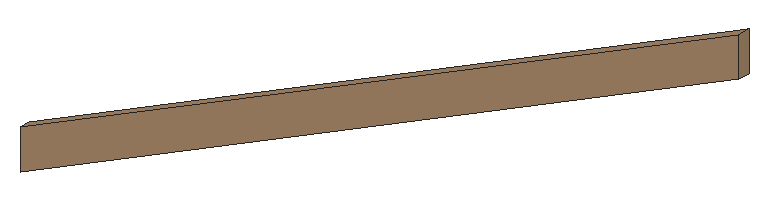
Revit family "EFPlate", category Structural Framing, Revit 2020
Family settings
  Section Shape = Not Defined
  Material for Model Behavior = Other
  Always export as geometry = No
  OmniClass Number = 23.25.30.21.14
  OmniClass Title = Trussed Beams and Joists
  Work Plane-Based = No
  Always vertical = Yes
  Cut with Voids When Loaded = No
  Symbolic Representation = From Family
  Shared = No
  Show family pre-cut in plan views = Yes
Parameters
  b = 50 mm
  Structural Material [instance] = Cherry
  Span [instance] = 3000 mm
  Slope [instance] = 25.00°
  d = 150 mm
Reference planes
  plane 1 "Center (Front/Back)": y = 0
  plane 2: z = 0
  plane 3 "Center (Left/Right)": x = 0
  plane 4: x = 1500
  plane 5: x = -1500
Forms (mm)
  Extrusion 1, solid, material "Cherry"
    sketch origin (0, 0, 0) x (1, 0, 0) y (0, 0, 1)
      loop
        line (-1500, -699.461) -> (-1500, -864.968) -> (1500, 533.955) -> (1500, 699.461) -> (-1500, -699.461)
    from -25 to 25
Lines and regions (mm)
  reference lines
    curve 1: line (0, 0, 0) -> (888.182, 0, 414.166)
    curve 2: line (155.563, 0, -92.966) -> (1043.745, 0, 321.2)
    curve 3: line (0, 25, 1265.697) -> (0, 25, -1134.303)
    curve 4: line (0, -25, 1265.697) -> (0, -25, -1134.303)
Dimensions and locks
  equal spacing: plane 5, plane 3 "Center (Left/Right)", plane 4
  "Span": plane 5 to plane 4
  "d": curve 1 to curve 2
  equal spacing: curve 3, plane 1 "Center (Front/Back)", curve 4
  "b": curve 3 to curve 4
  "Slope": angle curve 1 to level
  aligned and locked: plane 2 to level
  aligned and locked: Extrusion 1 sketch curve to curve 1
  aligned and locked: Extrusion 1 sketch curve to curve 2
  aligned and locked: plane 4 to Extrusion 1 sketch curve
  aligned and locked: plane 5 to Extrusion 1 sketch curve
  aligned and locked: curve 3 to Extrusion 1
  aligned and locked: Extrusion 1 to curve 4
Automatic sketch dimensions
  plane 3 "Center (Left/Right)" to curve 2 = 155.563 mm
  curve 1 to curve 2 = 155.563 mm
  curve 1 to plane 3 "Center (Left/Right)" = 0 mm
  curve 1 to level = 0 mm
  curve 3 to level = 1134.303 mm
  curve 4 to curve 3 = 0 mm  (x2)
  level to curve 4 = 1265.697 mm
